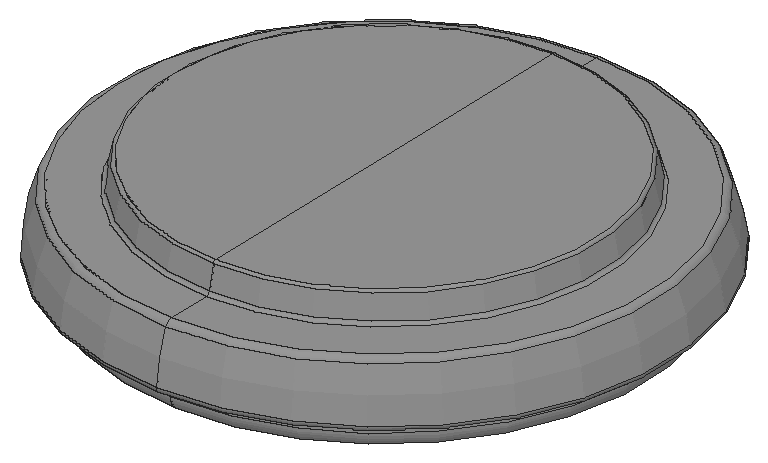
Revit family "FMK11_63_UN_Surface-mounted_ETK", category Lighting Fixtures, Revit 2017 (continued)
Definition of nested family "FMK.1 - Lightsource"
  Types (13, lengths in mm): name | Wattage Comments | Photometric Web File | built-in parameter 1150142 | Apparent Load
    FMK.1239.10N - Ø300x40 / 18W | "18W" | "FMK.1239.10n.ies" | "IESNA:LM-63-2002\r\n[TEST] /2014\r\n[TESTLAB] ies2eulumdat.appspot.com\r\n[ISSUEDATE] 2021-06-16T09:02:18.810\r\n[MANUFAC] www.etk.nl\r\n[LUMCAT] FMK.1209.10\r\n[LUMINAIRE] FMK.1 LED 18W 3000/4000/5700K ø300 niet dimbaar\r\n[LAMPCAT] LED\r\n[LAMP] LED\r\nTILT=NONE\r\n1\t1710\t1\t46\t180\t1\t2\t-0.300\t-0.300\t0\r\n1.0\t1.0\t18.30\r\n0\t 2\t 4\t 6\t 8\t 10\t 12\t 14\t 16\t 18\r\n20\t 22\t 24\t 26\t 28\t 30\t 32\t 34\t 36\t 38\r\n40\t 42\t 44\t 46\t 48\t 50\t 52\t 54\t 56\t 58\r\n60\t 62\t 64\t 66\t 68\t 70\t 72\t 74\t 76\t 78\r\n80\t 82\t 84\t 86\t 88\t 90\r\n0\t 2\t 4\t 6\t 8\t 10\t 12\t 14\t 16\t 18\r\n20\t 22\t 24\t 26\t 28\t 30\t 32\t 34\t 36\t 38\r\n40\t 42\t 44\t 46\t 48\t 50\t 52\t 54\t 56\t 58\r\n60\t 62\t 64\t 66\t 68\t 70\t 72\t 74\t 76\t 78\r\n80\t 82\t 84\t 86\t 88\t 90\t 92\t 94\t 96\t 98\r\n100\t 102\t 104\t 106\t 108\t 110\t 112\t 114\t 116\t 118\r\n120\t 122\t 124\t 126\t 128\t 130\t 132\t 134\t 136\t 138\r\n140\t 142\t 144\t 146\t 148\t 150\t 152\t 154\t 156\t 158\r\n160\t 162\t 164\t 166\t 168\t 170\t 172\t 174\t 176\t 178\r\n180\t 182\t 184\t 186\t 188\t 190\t 192\t 194\t 196\t 198\r\n200\t 202\t 204\t 206\t 208\t 210\t 212\t 214\t 216\t 218\r\n220\t 222\t 224\t 226\t 228\t 230\t 232\t 234\t 236\t 238\r\n240\t 242\t 244\t 246\t 248\t 250\t 252\t 254\t 256\t 258\r\n260\t 262\t 264\t 266\t 268\t 270\t 272\t 274\t 276\t 278\r\n280\t 282\t 284\t 286\t 288\t 290\t 292\t 294\t 296\t 298\r\n300\t 302\t 304\t 306\t 308\t 310\t 312\t 314\t 316\t 318\r\n320\t 322\t 324\t 326\t 328\t 330\t 332\t 334\t 336\t 338\r\n340\t 342\t 344\t 346\t 348\t 350\t 352\t 354\t 356\t 358\r\n\r\n604.9325\t603.2919\t601.6514\t598.9367\t595.1481\t591.3474\t584.4074\t577.4673\t570.5271\t563.5989\r\n556.6589\t546.0716\t535.4844\t524.9091\t514.322\t503.7347\t489.8782\t476.0098\t462.1414\t448.2731\r\n434.4164\t417.5148\t400.6012\t383.6995\t366.7979\t349.8961\t330.7164\t311.5251\t292.3454\t273.1539\r\n253.9742\t234.7827\t215.6031\t196.4116\t177.2319\t158.0404\t0\t0\t0\t0\r\n0\t0\t0\t0\t0\t0\r\n604.9325\t603.303\t601.6736\t598.9672\t595.1776\t591.371\t584.4474\t577.518\t570.5942\t563.6772\r\n556.7804\t546.2089\t535.6382\t525.0562\t514.4711\t503.9096\t490.0793\t476.249\t462.4177\t448.5869\r\n434.7567\t417.8553\t400.9346\t384.014\t367.0954\t350.1887\t331.0138\t311.8383\t292.6629\t273.4839\r\n254.309\t235.1337\t215.9576\t196.7709\t177.5953\t158.8079\t0.4083\t0\t0\t0\r\n0\t0\t0\t0\t0\t0\r\n604.9325\t603.316\t601.6989\t599.0015\t595.1958\t591.3698\t584.4843\t577.5711\t570.6711\t563.7586\r\n556.8947\t546.3551\t535.7596\t525.1644\t514.5799\t504.0319\t490.2428\t476.4007\t462.5425\t448.6943\r\n434.9048\t418.0625\t401.1696\t384.2789\t367.3894\t350.5392\t331.4019\t312.225\t293.0468\t273.8823\r\n254.7052\t235.5402\t216.3663\t197.1991\t178.024\t160.3893\t1.6616\t0\t0\t0\r\n0\t0\t0\t0\t0\t0\r\n604.9325\t603.3306\t601.7275\t599.0433\t595.2312\t591.4156\t584.5657\t577.6625\t570.7544\t563.8431\r\n557.0019\t546.5201\t535.9272\t525.353\t514.7657\t504.264\t490.5226\t476.6557\t462.7667\t448.8924\r\n435.124\t418.3554\t401.4707\t384.5722\t367.6697\t350.8303\t331.7467\t312.5747\t293.4071\t274.2312\r\n255.0699\t235.9111\t216.7553\t197.6045\t178.4467\t162.6446\t3.8393\t0\t0\t0\r\n0\t0\t0\t0\t0\t0\r\n604.9325\t603.3467\t601.7784\t599.0852\t595.2744\t591.4839\t584.6789\t577.7818\t570.8609\t563.9373\r\n557.1543\t546.7354\t536.1372\t525.529\t514.8988\t504.4471\t490.789\t476.9063\t463.0292\t449.1418\r\n435.4474\t418.7539\t401.8361\t384.8952\t367.9622\t351.1523\t332.1531\t312.9933\t293.8363\t274.6741\r\n255.5041\t236.3482\t217.1967\t198.0491\t178.904\t165.4825\t7.0717\t0\t0\t0\r\n0\t0\t0\t0\t0\t0\r\n604.9325\t603.3646\t601.8109\t599.1301\t595.3254\t591.5822\t584.8149\t577.9154\t571.003\t564.0375\r\n557.2822\t546.9546\t536.3271\t525.6894\t515.0537\t504.6554\t491.1358\t477.2379\t463.3307\t449.4155\r\n435.7478\t419.1745\t402.2081\t385.2544\t368.2909\t351.5211\t332.6242\t313.4509\t294.2734\t275.1156\r\n255.9625\t236.8063\t217.6543\t198.5095\t179.3715\t168.6886\t11.5411\t0\t0\t0\r\n0\t0\t0\t0\t0\t0\r\n604.9325\t603.3841\t601.8434\t599.178\t595.3834\t591.6781\t584.976\t578.0752\t571.1133\t564.0963\r\n557.383\t547.1909\t536.5313\t525.8766\t515.2136\t504.8691\t491.4968\t477.5392\t463.5748\t449.6118\r\n435.9498\t419.5755\t402.6015\t385.6298\t368.6616\t351.9183\t333.1605\t313.9425\t294.7654\t275.5923\r\n256.4278\t237.2774\t218.1312\t198.9956\t179.8672\t172.0139\t17.4822\t0\t0\t0\r\n0\t0\t0\t0\t0\t0\r\n604.9325\t603.4053\t601.8759\t599.2285\t595.4497\t591.7812\t585.1731\t578.2085\t571.1927\t564.1664\r\n557.4629\t547.4497\t536.7769\t526.0887\t515.3685\t505.002\t491.8629\t477.8739\t463.8657\t449.8384\r\n436.2083\t420.1244\t403.1335\t386.0845\t369.0368\t352.2643\t333.7051\t314.4923\t295.2823\t276.0978\r\n256.9176\t237.7601\t218.6225\t199.4936\t180.379\t175.1597\t25.1927\t0\t0\t0\r\n0\t0\t0\t0\t0\t0\r\n604.9325\t603.4593\t601.9085\t599.2738\t595.5244\t591.9079\t585.3373\t578.316\t571.3136\t564.2514\r\n557.5412\t547.753\t537.0529\t526.317\t515.5469\t505.1567\t492.6884\t478.2212\t464.1752\t450.1642\r\n436.1336\t421.0943\t403.6156\t386.5209\t369.432\t352.3337\t334.5504\t315.0513\t295.836\t276.637\r\n257.4544\t238.29\t219.1493\t200.0199\t180.9108\t177.7292\t35.0259\t0\t0\t0\r\n0\t0\t0\t0\t0\t0\r\n604.9325\t603.4826\t601.941\t599.3319\t595.6075\t591.9952\t585.4602\t578.4838\t571.4702\t564.333\r\n557.6055\t548.1073\t537.3696\t526.5928\t515.7384\t504.8144\t493.0694\t478.6336\t464.5307\t450.3943\r\n436.2933\t421.64\t404.1436\t386.9492\t369.8193\t352.7072\t335.1677\t315.6771\t296.4365\t277.212\r\n258.007\t238.8258\t219.6743\t200.5397\t181.4425\t179.2574\t47.3991\t0\t0\t0\r\n0\t0\t0\t0\t0\t0\r\n604.9325\t603.5064\t601.9734\t599.3945\t595.7161\t592.0648\t585.6584\t578.7119\t571.6053\t564.412\r\n557.2136\t548.9435\t537.7363\t526.8513\t515.8959\t504.8997\t493.4258\t478.9823\t464.8596\t450.6873\r\n436.4267\t422.0138\t404.7199\t387.5204\t370.3217\t353.0976\t335.7436\t316.324\t297.0385\t277.7912\r\n258.567\t239.3682\t220.2087\t201.0815\t181.9832\t162.9148\t98.4026\t0\t0\t0\r\n0\t0\t0\t0\t0\t0\r\n604.9325\t603.5306\t602.0055\t599.4612\t595.8018\t592.0844\t585.9012\t578.9142\t571.7274\t564.5615\r\n557.281\t549.3317\t538.103\t527.1296\t516.0869\t504.9399\t493.7098\t479.4734\t465.2005\t450.9492\r\n436.7405\t422.5771\t405.4099\t388.0744\t370.7796\t353.4924\t336.2684\t316.9931\t297.6847\t278.4178\r\n259.1782\t239.9648\t220.7735\t201.6345\t182.5343\t163.481\t113.7595\t0\t0\t0\r\n0\t0\t0\t0\t0\t0\r\n604.9325\t603.5554\t602.0217\t599.532\t595.8866\t592.1561\t586.588\t579.0795\t571.9261\t564.708\r\n557.356\t549.6474\t538.4927\t527.425\t516.249\t505.0832\t494.0234\t479.9866\t465.7575\t451.3805\r\n437.0064\t422.8844\t406.0364\t388.6721\t371.3233\t353.9575\t336.8059\t317.7551\t298.3731\t279.0511\r\n259.7888\t240.5534\t221.3703\t202.2241\t183.1196\t164.0583\t128.3143\t0\t0\t0\r\n0\t0\t0\t0\t0\t0\r\n604.9325\t603.5809\t602.0558\t599.618\t595.9723\t592.2358\t586.8402\t579.3172\t572.1843\t564.8477\r\n557.415\t549.9086\t538.9015\t527.7199\t516.5471\t505.2607\t494.2777\t480.6872\t466.1976\t451.7399\r\n437.252\t422.7612\t407.2466\t389.4272\t371.966\t354.4582\t337.2243\t318.5243\t299.1108\t279.742\r\n260.4244\t241.1781\t221.9657\t202.8103\t183.7099\t164.6491\t141.3505\t0\t0\t0\r\n0\t0\t0\t0\t0\t0\r\n604.9325\t603.6071\t602.0912\t599.6912\t596.0451\t591.9798\t587.0148\t579.6483\t572.4109\t565.0026\r\n557.4889\t550.099\t539.3311\t528.166\t516.8776\t505.53\t494.0643\t481.5955\t466.7489\t452.2129\r\n437.6254\t423.0444\t408.0517\t390.1803\t372.5893\t355.0126\t337.4403\t319.5246\t299.8803\t280.4737\r\n261.1232\t241.8179\t222.5739\t203.4066\t184.3006\t165.2486\t152.0665\t0\t0\t0\r\n0\t0\t0\t0\t0\t0\r\n604.9325\t603.6338\t602.1279\t599.7642\t596.2915\t592.06\t587.2479\t579.9651\t572.6275\t565.1743\r\n557.5912\t550.1482\t539.9086\t528.6542\t517.2707\t505.7657\t494.0884\t482.1911\t467.4123\t452.7044\r\n438.0073\t423.2908\t408.632\t391.0308\t373.3713\t355.5458\t337.8389\t320.2515\t300.7003\t281.2121\r\n261.8325\t242.4922\t223.2123\t204.0069\t184.8961\t165.8551\t159.6039\t13.1538\t0\t0\r\n0\t0\t0\t0\t0\t0\r\n604.9325\t603.6611\t602.1659\t599.8376\t596.4054\t592.1391\t587.4977\t580.2805\t572.8868\t565.3787\r\n557.6678\t549.7361\t540.9527\t529.1771\t517.6731\t506.0008\t494.2758\t482.6381\t468.0299\t453.2316\r\n438.4194\t423.5879\t409.1603\t391.9077\t373.8445\t355.9972\t338.2732\t320.7969\t301.5855\t282.0214\r\n262.5566\t243.1786\t223.8823\t204.6641\t185.522\t166.4516\t162.8905\t31.8043\t0\t0\r\n0\t0\t0\t0\t0\t0\r\n604.9325\t603.6892\t602.2049\t599.908\t596.5241\t592.1992\t587.8004\t580.5758\t573.1764\t565.6227\r\n557.7326\t549.8042\t541.4288\t529.7323\t518.1144\t506.3438\t494.4987\t482.7908\t468.7329\t453.8508\r\n438.9175\t423.9507\t408.6493\t392.7359\t374.5174\t356.6496\t338.8317\t321.0335\t302.7194\t282.8805\r\n263.3626\t243.9028\t224.5481\t205.3141\t186.1662\t167.0952\t148.1118\t88.6377\t0\t0\r\n0\t0\t0\t0\t0\t0\r\n604.9325\t603.7179\t602.2449\t599.981\t596.652\t592.2995\t588.0109\t580.9296\t573.5102\t565.8506\r\n557.9219\t549.8881\t541.7121\t530.3743\t518.611\t506.7558\t494.6717\t482.47\t469.828\t454.5537\r\n439.4245\t424.0109\t408.6349\t393.3735\t375.3775\t357.3866\t339.435\t321.5173\t303.5607\t283.7689\r\n264.1651\t244.6733\t225.2874\t205.9828\t186.7886\t167.711\t148.7442\t112.1139\t0\t0\r\n0\t0\t0\t0\t0\t0\r\n604.9325\t603.7473\t602.2856\t600.0568\t596.7719\t592.4179\t588.1719\t581.3183\t573.9078\t566.0743\r\n558.1389\t549.9635\t541.9262\t531.0335\t519.2162\t507.1698\t494.9265\t482.6333\t470.329\t455.2483\r\n439.8147\t424.3822\t408.9232\t393.7403\t376.3501\t358.2294\t340.1252\t322.0395\t304.2025\t284.7408\r\n265.0668\t245.4539\t225.9736\t206.6463\t187.4435\t168.3603\t149.3849\t130.4101\t0\t0\r\n0\t0\t0\t0\t0\t0\r\n604.9325\t603.7776\t602.3343\t600.133\t596.8924\t592.5514\t588.2573\t582.1028\t574.2915\t566.3966\r\n558.3966\t550.0391\t541.4961\t532.1224\t519.854\t507.633\t495.3114\t482.8481\t470.4815\t456.3368\r\n440.5157\t424.9232\t409.2495\t393.6295\t377.6559\t359.1366\t340.8577\t322.656\t304.5206\t285.931\r\n265.9183\t246.2694\t226.7385\t207.3469\t188.0877\t168.9899\t150.0335\t142.1012\t0.9237\t0\r\n0\t0\t0\t0\t0\t0\r\n604.9325\t603.8087\t602.2411\t600.2093\t597.0138\t592.7089\t587.9814\t582.506\t574.6544\t566.7889\r\n558.6686\t550.1973\t541.4544\t532.5851\t520.5561\t508.2392\t495.7924\t483.0495\t470.1335\t457.1163\r\n441.3228\t425.5219\t409.7509\t393.9106\t378.232\t360.1469\t341.7391\t323.3504\t304.9773\t286.7673\r\n266.8982\t247.1147\t227.4881\t208.0586\t188.7792\t169.6606\t150.6879\t131.866\t21.4679\t0\r\n0\t0\t0\t0\t0\t0\r\n604.9325\t603.8407\t602.2844\t600.2854\t597.1426\t592.8591\t588.0729\t582.907\t575.0998\t567.2089\r\n558.9621\t550.3823\t541.4848\t532.7997\t521.7716\t508.9483\t496.2748\t483.3245\t470.3834\t457.4768\r\n442.2022\t426.336\t410.3521\t394.239\t378.1528\t361.5855\t342.6871\t324.0744\t305.6064\t287.3619\r\n267.8645\t248.0216\t228.3498\t208.8257\t189.4682\t170.3025\t151.3323\t132.5387\t80.029\t0\r\n0\t0\t0\t0\t0\t0\r\n604.9325\t603.8733\t602.3299\t600.3607\t597.2661\t593.1545\t588.1843\t583.2018\t575.6055\t567.6783\r\n559.3106\t550.6007\t541.5686\t532.3163\t522.4808\t509.7479\t496.8485\t483.8597\t470.6669\t457.2136\r\n443.4699\t427.2526\t410.9944\t394.713\t378.4457\t362.2796\t343.7493\t325.0072\t306.2591\t287.6577\r\n269.0839\t249.009\t229.1809\t209.5733\t190.2093\t170.9954\t151.9889\t133.1871\t107.1195\t0\r\n0\t0\t0\t0\t0\t0\r\n604.9325\t603.907\t602.3776\t600.435\t597.3875\t593.3208\t588.3223\t583.4193\t576.5313\t568.1743\r\n559.709\t550.8685\t541.7588\t532.2517\t522.878\t510.5737\t497.5582\t484.484\t471.0737\t457.3263\r\n443.9663\t428.2466\t411.8005\t395.3788\t378.7305\t362.2173\t345.2416\t325.9593\t307.1037\t288.3016\r\n269.7515\t250.003\t230.1332\t210.3898\t190.9169\t171.6613\t152.6389\t133.8373\t123.7799\t0\r\n0\t0\t0\t0\t0\t0\r\n604.9325\t603.9123\t602.428\t600.501\t597.5056\t593.4861\t588.4837\t583.5425\t577.0344\t568.7101\r\n560.1512\t551.1686\t541.9813\t532.3519\t522.4772\t511.7762\t498.5257\t485.22\t471.4735\t457.7046\r\n443.7031\t429.415\t412.8677\t396.0261\t379.2618\t362.4764\t345.8916\t327.1753\t308.035\t288.9915\r\n270.1463\t251.2322\t231.0663\t211.2373\t191.6472\t172.3408\t153.2921\t134.4874\t115.9236\t9.2138\r\n0\t0\t0\t0\t0\t0\r\n604.9325\t603.9481\t602.4812\t600.5742\t597.6202\t593.653\t588.668\t583.3077\t577.4581\t569.2983\r\n560.6533\t551.5767\t542.2042\t532.5113\t522.3616\t512.2177\t499.5876\t486.0776\t472.1462\t458.1519\r\n443.8695\t429.876\t414.2071\t396.917\t379.9187\t362.8675\t345.8321\t328.6051\t309.1102\t289.916\r\n270.7523\t251.9617\t232.0644\t212.1103\t192.4343\t173.0323\t153.9173\t135.1018\t116.562\t65.7955\r\n0\t0\t0\t0\t0\t0\r\n604.9325\t603.9852\t602.5371\t600.6467\t597.73\t593.8172\t588.8736\t583.4583\t577.7772\t570.2819\r\n561.2111\t552.1325\t542.5577\t532.7343\t522.3727\t511.8663\t500.9199\t486.9213\t472.9747\t458.7217\r\n444.2496\t429.5691\t414.7964\t398.0122\t380.7816\t363.4509\t346.0825\t328.8111\t310.4213\t290.8883\r\n271.5384\t252.3269\t233.2419\t213.0364\t193.2161\t173.736\t154.5864\t135.7567\t117.2044\t96.1475\r\n0\t0\t0\t0\t0\t0\r\n604.9325\t604.0236\t602.596\t600.7186\t597.8194\t593.9774\t589.2292\t583.6201\t577.9865\t570.7992\r\n561.8256\t552.71\t543.0652\t533.0169\t522.502\t511.8678\t501.241\t488.4687\t473.9436\t459.4936\r\n444.832\t429.7247\t414.7044\t399.4139\t381.8032\t364.1979\t346.6042\t329.0336\t311.6354\t292.1036\r\n272.4601\t253.0354\t233.7628\t214.0337\t194.1035\t174.5269\t155.255\t136.3516\t117.8305\t109.9048\r\n0\t0\t0\t0\t0\t0\r\n604.9325\t604.0637\t602.658\t600.789\t597.9215\t594.1325\t589.4529\t583.8272\t577.7627\t571.1951\r\n562.8118\t553.2917\t543.6239\t533.3822\t522.7915\t511.9619\t500.5541\t489.0998\t475.0948\t460.4654\r\n445.4767\t430.3017\t414.8994\t399.3696\t383.2919\t365.1943\t347.3191\t329.4129\t311.6006\t293.6303\r\n273.6308\t253.85\t234.3543\t215.1938\t195.0532\t175.2777\t155.9455\t136.9913\t118.4168\t100.2246\r\n10.9351\t0\t0\t0\t0\t0\r\n604.9325\t604.1049\t602.7234\t600.8579\t598.021\t594.2782\t589.6773\t584.0732\t577.9255\t571.4711\r\n563.458\t554.0039\t544.2463\t533.8777\t523.2306\t512.1995\t500.5102\t488.6583\t476.4436\t461.6248\r\n446.3237\t431.0595\t415.3954\t399.5376\t383.6965\t366.7259\t348.2364\t330.1152\t311.8732\t293.8363\r\n275.1387\t254.8952\t235.1611\t215.6652\t196.0554\t176.1444\t156.6456\t137.594\t119.0254\t100.8532\r\n68.8785\t0\t0\t0\t0\t0\r\n604.9325\t604.3797\t602.795\t600.7955\t598.1176\t594.4184\t589.9421\t584.4807\t578.1293\t571.2717\r\n564.0225\t555.1365\t544.9684\t534.4889\t523.7521\t512.5133\t500.6805\t488.5879\t476.1182\t463.0735\r\n447.6366\t431.9684\t416.1152\t399.9456\t383.6989\t367.3767\t349.5599\t330.9731\t312.5046\t294.0321\r\n275.9095\t256.218\t236.1048\t216.3684\t197.0093\t177.0397\t157.4158\t138.2701\t119.6169\t101.4035\r\n91.2126\t0\t0\t0\t0\t0\r\n604.9325\t604.4205\t602.8672\t600.8728\t598.211\t594.5549\t590.1569\t584.7672\t578.3807\t571.4627\r\n564.3113\t555.8405\t545.7988\t535.2615\t524.3877\t512.92\t501.0143\t488.7096\t476.0305\t462.7583\r\n449.2912\t433.217\t417.0958\t400.713\t384.1708\t367.2088\t350.6545\t332.2272\t313.392\t294.5441\r\n275.8683\t257.4578\t237.4149\t217.2362\t197.4869\t178.1427\t158.2694\t138.9226\t120.2106\t101.9885\r\n84.2445\t0\t0\t0\t0\t0\r\n604.9325\t604.4609\t602.9426\t600.9571\t598.301\t594.685\t590.3595\t585.0141\t578.795\t571.7158\r\n564.1432\t556.2603\t546.8908\t536.205\t525.1774\t513.5407\t501.5676\t489.0287\t476.1442\t462.6532\r\n448.9921\t434.8922\t418.416\t401.8982\t384.7929\t367.6136\t350.3325\t333.3151\t314.6323\t295.4577\r\n276.336\t257.5068\t238.7779\t218.4036\t198.3424\t178.728\t159.174\t139.7342\t120.8004\t102.4847\r\n84.7775\t45.5539\t0\t0\t0\t0\r\n604.9325\t604.5006\t603.0216\t601.0606\t598.3865\t594.8079\t590.54\t585.2417\t579.0807\t572.1467\r\n564.4011\t556.1409\t547.4037\t537.4374\t526.1369\t514.3405\t502.2658\t489.5783\t476.4823\t462.9105\r\n448.8591\t434.6232\t420.0685\t403.4046\t385.7751\t368.4205\t350.8718\t333.1656\t315.607\t296.8929\r\n277.2305\t257.8752\t238.7581\t219.918\t199.4756\t179.4703\t160.1376\t140.5119\t121.4449\t103.0157\r\n85.2703\t74.215\t0\t0\t0\t0\r\n604.9325\t604.5394\t603.1042\t601.1584\t598.3492\t594.9234\t590.7019\t585.451\t579.3531\t572.4943\r\n564.7651\t556.3877\t547.3688\t538.0224\t527.3866\t515.3535\t503.115\t490.3931\t476.9994\t463.303\r\n449.0547\t434.4994\t419.6921\t404.5604\t387.5106\t369.5539\t351.7313\t333.6797\t315.5431\t297.2741\r\n278.797\t258.7661\t239.2377\t219.9717\t200.9556\t180.5254\t160.6648\t141.5044\t122.1648\t103.5896\r\n85.7592\t68.6221\t0\t0\t0\t0\r\n604.9325\t604.5773\t603.1902\t601.2632\t598.4516\t595.0092\t590.8464\t585.643\t579.6101\t572.8202\r\n565.325\t556.7647\t547.6995\t538.0024\t527.9437\t516.6478\t504.4938\t491.4266\t477.8344\t463.9221\r\n449.6332\t434.78\t419.7115\t403.8594\t387.7921\t371.4508\t353.0947\t334.6903\t316.1395\t297.631\r\n278.8793\t260.2808\t240.1353\t220.3427\t201.0312\t181.9801\t161.6499\t142.0644\t123.0333\t104.2161\r\n86.2409\t69.0879\t15.2173\t0\t0\t0\r\n604.9325\t604.6141\t603.2798\t601.3757\t598.5679\t594.9853\t590.9493\t585.8192\t579.8489\t573.1198\r\n565.7109\t557.3403\t548.3007\t538.393\t527.9435\t517.2634\t505.3927\t492.933\t478.9816\t464.8927\r\n450.474\t435.4187\t420.1142\t403.9636\t387.6809\t371.1777\t354.5307\t336.6039\t317.3934\t298.4472\r\n279.3102\t260.28\t241.3379\t221.3309\t201.4226\t182.0109\t163.0786\t142.9823\t123.7395\t104.974\r\n86.81\t69.5539\t58.969\t0\t0\t0\r\n604.9325\t604.6498\t603.6043\t601.4957\t598.6984\t595.1135\t590.9331\t585.9739\t580.0893\t573.3916\r\n566.0512\t557.7504\t548.7954\t539.0648\t528.4009\t517.3472\t505.5605\t493.6743\t480.4541\t466.4352\r\n451.5987\t436.4298\t420.8587\t404.6187\t388.0855\t371.2381\t354.0167\t336.6193\t319.1551\t299.9255\r\n280.4523\t260.8892\t241.3921\t222.136\t202.5984\t182.4131\t163.0718\t144.3638\t124.5764\t105.7842\r\n87.4272\t70.0349\t53.7077\t0\t0\t0\r\n604.9325\t604.6844\t603.6946\t601.6237\t598.8432\t595.2649\t591.0743\t585.9936\t580.2878\t573.6051\r\n566.3212\t558.1173\t549.2219\t539.5715\t529.1248\t518.0448\t506.0844\t493.7649\t480.7344\t467.3507\r\n453.0676\t438.029\t422.0569\t405.7673\t388.9954\t371.8917\t354.386\t336.673\t318.7419\t300.4149\r\n282.1798\t262.3184\t242.4052\t222.5131\t202.8279\t183.5184\t163.5632\t144.26
